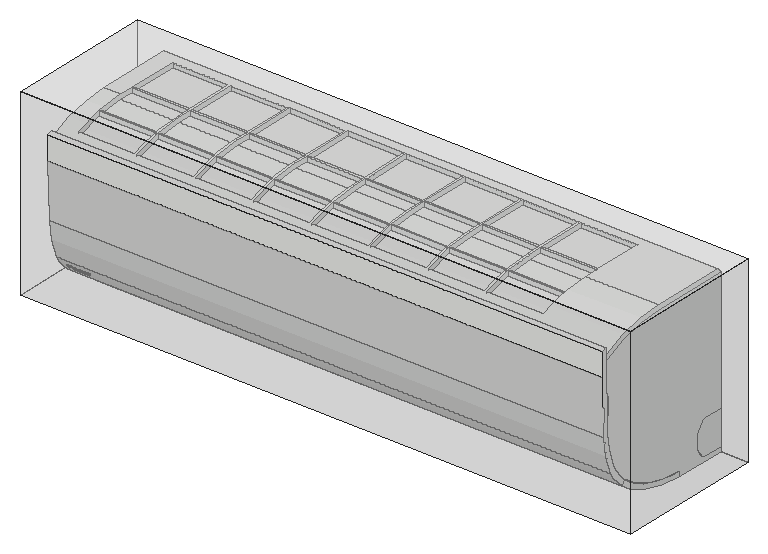
Revit family "outputfile", category 機械設備, Revit 2024
Family settings
  丸型コネクタ寸法 = 半径を使用
  パーツ タイプ = 標準
  OmniClass 番号 = 23.75.10.24.21.27.27
  OmniClass タイトル = Split System Air Conditioning Units
  作業面ベース = いいえ
  常に垂直 = はい
  ロード時にボイドで切り取り = いいえ
  注釈の向きを維持 = いいえ
  共有 = いいえ
  部屋計算ポイント = いいえ
Parameters (values of type "CTKM60RVMV")
  Description = ""
  書き出し IFC クラス(タイプ) = "IfcUnitaryEquipmentType"
  定義済み IFC タイプ(タイプ) = "AIRCONDITIONINGUNIT"
  Cost = 0
  Type Comments = ""
  Keynote = ""
  Type Image = (empty or 0)
  Assembly Code = ""
  w_wall hole = if(Width = 770.0 mm, 48.0 mm, 60.0 mm)  # 60.0 mm
  製造元 = "Daikin"
  モデル = "CTKM60RVMV"
  switch_frequency = yes
  r_Liquid Pipe Size = Liquid Pipe Size / 2  # 3.2 mm
  r_Gas Pipe Size = Gas Pipe Size / 2  # 6.35 mm
  r_Drain Pipe Size = Drain Pipe Size / 2  # 8.0 mm
  lw_powersupply [instance] = if(Width = 770.0 mm, if(or(Rear Right Connection_refrigerant, Bottom Right Connection_refrigerant), 25.0 mm, if(or(Rear Left Connection_refrigerant, Bottom Left Connection_refrigerant), 745.0 mm, 400.0 mm)), if(Width = 990.0 mm, if(or(Rear Right Connection_refrigerant, Bottom Right Connection_refrigerant), 40.0 mm, if(or(Rear Left Connection_refrigerant, Bottom Left Connection_refrigerant), 920.0 mm, 400.0 mm)), if(or(Rear Right Connection_refrigerant, Bottom Right Connection_refrigerant), 40.0 mm, if(or(Rear Left Connection_refrigerant, Bottom Left Connection_refrigerant), 920.0 mm, 400.0 mm))))  # 400.0 mm
  lw_liquidpipe [instance] = if(Width = 770.0 mm, if(or(Rear Right Connection_refrigerant, Bottom Right Connection_refrigerant), 0.0 mm, if(or(Rear Left Connection_refrigerant, Bottom Left Connection_refrigerant), 664.0 mm, 385.0 mm)), if(Width = 990.0 mm, if(or(Rear Right Connection_refrigerant, Bottom Right Connection_refrigerant), 0.0 mm, if(or(Rear Left Connection_refrigerant, Bottom Left Connection_refrigerant), 664.0 mm + (990.0 mm - 770.0 mm), 475.0 mm)), if(or(Rear Right Connection_refrigerant, Bottom Right Connection_refrigerant), 0.0 mm, if(or(Rear Left Connection_refrigerant, Bottom Left Connection_refrigerant), 664.0 mm + (990.0 mm - 770.0 mm), 475.0 mm))))  # 475.0 mm
  lw_gaspipe [instance] = if(Width = 770.0 mm, if(or(Rear Right Connection_refrigerant, Bottom Right Connection_refrigerant), 0.0 mm, if(or(Rear Left Connection_refrigerant, Bottom Left Connection_refrigerant), 675.0 mm, if(Gas Pipe Size = 12.7 mm, 345.0 mm, 335.0 mm))), if(Width = 990.0 mm, if(or(Rear Right Connection_refrigerant, Bottom Right Connection_refrigerant), 10.0 mm, if(or(Rear Left Connection_refrigerant, Bottom Left Connection_refrigerant), 890.0 mm, if(Gas Pipe Size = 15.9 mm, 410.0 mm, 400.0 mm))), if(or(Rear Right Connection_refrigerant, Bottom Right Connection_refrigerant), 10.0 mm, if(or(Rear Left Connection_refrigerant, Bottom Left Connection_refrigerant), 890.0 mm, if(Gas Pipe Size = 15.9 mm, 410.0 mm, 400.0 mm)))))  # 400.0 mm
  lw_drainpipe [instance] = if(Width = 770.0 mm, if(or(Rear Right Connection_refrigerant, Bottom Right Connection_refrigerant), 0.0 mm, if(or(Rear Left Connection_refrigerant, Bottom Left Connection_refrigerant), 770.0 mm - 48.0 mm - 48.0 mm, 440.0 mm)), if(Width = 990.0 mm, if(or(Rear Right Connection_refrigerant, Bottom Right Connection_refrigerant), 0.0 mm, if(or(Rear Left Connection_refrigerant, Bottom Left Connection_refrigerant), 675.0 mm + (990.0 mm - 770.0 mm), 435.0 mm)), if(or(Rear Right Connection_refrigerant, Bottom Right Connection_refrigerant), 0.0 mm, if(or(Rear Left Connection_refrigerant, Bottom Left Connection_refrigerant), 675.0 mm + (990.0 mm - 770.0 mm), 435.0 mm))))  # 435.0 mm
  l_powersupply_length [instance] = if(Width = 770.0 mm, if(Right Connection_refrigerant, 400.0 mm, if(Left Connection_refrigerant, 770.0 mm - 400.0 mm, if(or(Rear Left Connection_refrigerant, Rear Right Connection_refrigerant), 15.0 mm, 50.0 mm))), if(Width = 990.0 mm, if(Right Connection_refrigerant, 400.0 mm, if(Left Connection_refrigerant, 990.0 mm - 400.0 mm, if(or(Rear Left Connection_refrigerant, Rear Right Connection_refrigerant), 15.0 mm, 50.0 mm))), if(Right Connection_refrigerant, 400.0 mm, if(Left Connection_refrigerant, 990.0 mm - 400.0 mm, if(or(Rear Left Connection_refrigerant, Rear Right Connection_refrigerant), 15.0 mm, 50.0 mm)))))  # 400.0 mm
  l_liquidpipe_length [instance] = if(Width = 770.0 mm, if(Right Connection_refrigerant, 433.0 mm, if(Left Connection_refrigerant, 337.0 mm, if(or(Rear Left Connection_refrigerant, Rear Right Connection_refrigerant), 30.0 mm, 40.0 mm))), if(Width = 990.0 mm, if(Right Connection_refrigerant, 535.0 mm, if(Left Connection_refrigerant, 455.0 mm, if(or(Rear Left Connection_refrigerant, Rear Right Connection_refrigerant), 30.0 mm, 40.0 mm))), if(Right Connection_refrigerant, 535.0 mm, if(Left Connection_refrigerant, 455.0 mm, if(or(Rear Left Connection_refrigerant, Rear Right Connection_refrigerant), 30.0 mm, 40.0 mm)))))  # 535.0 mm
  l_gaspipe_length [instance] = if(Width = 770.0 mm, if(Right Connection_refrigerant, if(Gas Pipe Size = 12.7 mm, 393.0 mm, 383.0 mm), if(Left Connection_refrigerant, if(Gas Pipe Size = 12.7 mm, 770.0 mm - 393.0 mm, 770.0 mm - 383.0 mm), if(or(Rear Left Connection_refrigerant, Rear Right Connection_refrigerant), 40.0 mm, 50.0 mm))), if(Width = 990.0 mm, if(Right Connection_refrigerant, if(Gas Pipe Size = 15.9 mm, 470.0 mm, 460.0 mm), if(Left Connection_refrigerant, if(Gas Pipe Size = 15.9 mm, 990.0 mm - 470.0 mm, 990.0 mm - 460.0 mm), if(or(Rear Left Connection_refrigerant, Rear Right Connection_refrigerant), 40.0 mm, 50.0 mm))), if(Right Connection_refrigerant, if(Gas Pipe Size = 15.9 mm, 470.0 mm, 460.0 mm), if(Left Connection_refrigerant, if(Gas Pipe Size = 15.9 mm, 990.0 mm - 470.0 mm, 990.0 mm - 460.0 mm), if(or(Rear Left Connection_refrigerant, Rear Right Connection_refrigerant), 40.0 mm, 50.0 mm)))))  # 460.0 mm
  l_drainpipe_length [instance] = if(Width = 770.0 mm, if(Right Connection_refrigerant, 488.0 mm, if(Left Connection_refrigerant, 282.0 mm, if(or(Rear Left Connection_refrigerant, Rear Right Connection_refrigerant), 15.0 mm, 20.0 mm))), if(Width = 990.0 mm, if(Right Connection_refrigerant, 495.0 mm, if(Left Connection_refrigerant, 495.0 mm, if(or(Rear Left Connection_refrigerant, Rear Right Connection_refrigerant), 15.0 mm, 20.0 mm))), if(Right Connection_refrigerant, 495.0 mm, if(Left Connection_refrigerant, 495.0 mm, if(or(Rear Left Connection_refrigerant, Rear Right Connection_refrigerant), 15.0 mm, 20.0 mm)))))  # 495.0 mm
  h*** = 0.0 mm  # constant formula
  connector_voltage = Voltage_50Hz  # 230 V
  connector_powerinput = [Power Input (Cooling)]  # 0.000 kW
  connector_phase = Phase_50Hz  # 1
  angle_vertical [instance] = if(or(Bottom Left Connection_refrigerant, Bottom Right Connection_refrigerant), 0.00°, 90.00°)  # 90.00°
  angle_horizontal [instance] = if(Right Connection_refrigerant, 90.00°, if(Left Connection_refrigerant, -90.00°, if(or(Rear Left Connection_refrigerant, Rear Right Connection_refrigerant), 180.00°, 0.00°)))  # 90.00°
  Width = 990.0 mm
  Voltage_comment_50Hz = "220 - 240"
  Voltage_50Hz = 230 V
  Version = "ver.1.0"
  Unit Type = "Wall Mounted"
  Unit Mass Weight = 13.00 kg
  Unit Designation [instance] = ""
  Uniclass2015Version = "Products v1.30"
  Uniclass2015Title = "Split coil room air conditioning units"
  Uniclass2015Code = "Pr_70_65_03_86"
  URL = ""
  Total Cooling Capacity [instance] = 0.000 kW
  Sound Pressure Level_M speed (dBA) = 42
  Sound Pressure Level_L speed (dBA) = 36
  Sound Pressure Level_H speed (dBA) = 48
  Sound Power Level_H speed (dB) = 0
  Series = "Multi Split_Fan Coil Unit"
  Sensible Cooling Capacity [instance] = 0.000 kW
  Refrigerant Type = "R32"
  Power Input (Cooling) = 0.000 kW
  Phase_50Hz = 1
  Option Accessory 3 [instance] = ""
  Option Accessory 2 [instance] = ""
  Option Accessory 1 [instance] = ""
  Nominal Cooling Capacity = 6.000 kW
  Minimum Circuit Amps_50Hz = 0.0 A
  Minimum Airflow = 762.00 m³/h
  Median Airflow = 948.00 m³/h
  Maximum Fuse Amps_50Hz = 0.0 A
  Maximum Airflow = 1170.00 m³/h
  Material_Casing = DAIKIN_White_Casing_indoorunit
  Load Classification = HVAC
  Liquid Pipe Size = 6.4 mm
  Link_Nested Family [instance] = ""
  IfcVersion = ""
  IfcExportType = "AIRCONDITIONINGUNIT"
  IfcExportAs = "IfcUnitaryEquipmentType"
  Height = 295.0 mm
  Heat Exchanger Type = "Cross Fin Coil"
  Gas Pipe Size = 12.7 mm
  Frequency_50Hz = 50 Hz
  Fan Type = "Cross Flow Fan"
  Fan Drive = "Direct Drive"
  FCU Tag No. [instance] = ""
  Drain Pipe Size = 16.0 mm
  Design Supply Airflow [instance] = 0.00 m³/h
  Depth = 263.0 mm
  既定の高さ = 0.0 mm
  Cooling Entering Wet Bulb Temperature [instance] = 0.00 °C
  Cooling Entering Dry Bulb Temperature [instance] = 0.00 °C
  Cooling Ambient Wet Bulb Temperature [instance] = 0.00 °C
  Cooling Ambient Dry Bulb Temperature [instance] = 0.00 °C
  Clearance visibility [instance] = yes
  Clearance Top = 30.0 mm
  Clearance Right = 50.0 mm
  Clearance Rear = 0.0 mm
  Clearance Left = 50.0 mm
  Clearance Front = 0.0 mm
  Clearance Bottom = 0.0 mm
  Bottom Right Connection_refrigerant [instance] = no
  Bottom Left Connection_refrigerant [instance] = no
  Rear Right Connection_refrigerant [instance] = no
  Rear Left Connection_refrigerant [instance] = no
  Right Connection_refrigerant [instance] = yes
  Left Connection_refrigerant [instance] = no
Reference planes
  plane 1 "Back": y = 0
  plane 2: z = 0
  plane 3 "Center (Left/Right)": x = 0
  plane 4 "Center (Front/Back)": y = -131.5
  plane 5 "Front": y = -263
  plane 6 "Left": x = -495
  plane 7 "Right": x = 495
  plane 8 "Top": z = 0
  plane 9 "Bottom": z = -295
  plane 10: x = -545
  plane 11: x = 545
  plane 12: y = 0
  plane 13: y = -263
  plane 14: z = 30
  plane 15: z = -295
  plane 16 "lw_Piping and Wiring intake": x = 435
  plane 17 "lw_gaspipe": x = 35
  plane 18 "lw_liquidpipe": x = -40
  plane 19 "lw_drainpipe": x = 0
  plane 20 "lh_drainpipe": z = -275
  plane 21 "lh_liquidpipe": z = -255
  plane 22 "lh_gaspipe": z = -245
  plane 23 "ld_drainpipe": y = -15
  plane 24 "ld_liquidpipe": y = -30
  plane 25 "ld_gaspipe": y = -40
  plane 26 "lw_powersupply": x = 95
Dimensions and locks
  equal spacing: plane 6 "Left", plane 3 "Center (Left/Right)", plane 7 "Right"
  "Width": plane 6 "Left" to plane 7 "Right"
  equal spacing: plane 5 "Front", plane 4 "Center (Front/Back)", plane 1 "Back"
  "Depth": plane 5 "Front" to plane 1 "Back"
  "Height": plane 8 "Top" to plane 9 "Bottom"
  "Clearance Rear": plane 12 to plane 1 "Back"
  "Clearance Front": plane 13 to plane 5 "Front"
  "Clearance Top": plane 14 to plane 8 "Top"
  "Clearance Bottom": plane 9 "Bottom" to plane 15
  "w_wall hole": plane 16 "lw_Piping and Wiring intake" to plane 7 "Right"
  "lw_gaspipe": plane 17 "lw_gaspipe" to plane 16 "lw_Piping and Wiring intake"
  "lw_liquidpipe": plane 18 "lw_liquidpipe" to plane 16 "lw_Piping and Wiring intake"
  "lw_drainpipe": plane 19 "lw_drainpipe" to plane 16 "lw_Piping and Wiring intake"
  locked: plane 20 "lh_drainpipe" to plane 9 "Bottom" at 20
  locked: plane 21 "lh_liquidpipe" to plane 9 "Bottom" at 40
  locked: plane 22 "lh_gaspipe" to plane 9 "Bottom" at 50
  locked: plane 23 "ld_drainpipe" to plane 1 "Back" at 15
  locked: plane 1 "Back" to plane 24 "ld_liquidpipe" at 30
  locked: plane 1 "Back" to plane 25 "ld_gaspipe" at 40
  "lw_powersupply": plane 26 "lw_powersupply" to plane 7 "Right"
  "Clearance Left": plane 10 to plane 6 "Left"
  "Clearance Right": plane 7 "Right" to plane 11
  aligned and locked: level to plane 2
  aligned and locked: plane 12 to nested 1
  aligned and locked: nested 1 to plane 13
  aligned and locked: plane 10 to nested 1
  aligned and locked: plane 11 to nested 1
  aligned and locked: plane 15 to nested 1
  aligned and locked: plane 14 to nested 1
  aligned and locked: plane 17 "lw_gaspipe" to nested 2
  aligned and locked: nested 2 to plane 25 "ld_gaspipe"
  aligned and locked: plane 18 "lw_liquidpipe" to nested 3
  aligned and locked: nested 3 to plane 24 "ld_liquidpipe"
  aligned and locked: plane 19 "lw_drainpipe" to nested 4
  aligned and locked: nested 4 to plane 23 "ld_drainpipe"
  aligned and locked: nested 5 to plane 23 "ld_drainpipe"
  aligned and locked: plane 26 "lw_powersupply" to nested 5
  aligned and locked: level to plane 8 "Top"
  aligned and locked: plane 3 "Center (Left/Right)" to nested 6
  aligned and locked: plane 1 "Back" to nested 6
  aligned and locked: plane 8 "Top" to nested 6
Nested families
  nested 1: "daikin_clearancespace" at (0, -131.5, -132.381), show <- "Clearance visibility", visible <- "Clearance visibility", Link_Nested Family <- "Link_Nested Family", type "daikin_clearancespace"
    with width 1090.0 mm, show yes, height 325.0 mm, depth 263.0 mm, Link_Nested Family ""
  nested 2: "daikin_connector_rotate3" at (35, -40, -245), angle_vertical <- "angle_vertical", angle_horizontal <- "angle_horizontal", length <- "l_gaspipe_length", radius <- "r_Gas Pipe Size", type "daikin_connector_rotate3"
    with show no, radius 6.35 mm, length 460.0 mm, angle_vertical 90.00°, angle_horizontal 90.00°
  nested 3: "daikin_connector_rotate3" at (-40, -30, -255), angle_vertical <- "angle_vertical", angle_horizontal <- "angle_horizontal", radius <- "r_Liquid Pipe Size", length <- "l_liquidpipe_length", type "daikin_connector_rotate3"
    with show no, radius 3.2 mm, length 535.0 mm, angle_vertical 90.00°, angle_horizontal 90.00°
  nested 4: "daikin_connector_rotate3" at (0, -15, -275), angle_vertical <- "angle_vertical", angle_horizontal <- "angle_horizontal", length <- "l_drainpipe_length", radius <- "r_Drain Pipe Size", type "daikin_connector_rotate3"
    with show no, radius 8.0 mm, length 495.0 mm, angle_vertical 90.00°, angle_horizontal 90.00°
  nested 5: "daikin_connector_rotate3" at (95, -15, -245), angle_vertical <- "angle_vertical", angle_horizontal <- "angle_horizontal", length <- "l_powersupply_length", type "daikin_connector_rotate3"
    with show no, radius 10.0 mm, length 400.0 mm, angle_vertical 90.00°, angle_horizontal 90.00°
  nested 6: "DAIKIN_indoorunit_CTKM-RVMV" at (-31, 0, 0), type "CTKM-RVMV"
    with switch_unit1_50-71 yes, switch_unit1_25-35 no, Width 990.0 mm, WALL HOLE-R 60.0 mm, WALL HOLE Size 80.0 mm, Height 295.0 mm
Connectors
  piping at (495, -40, -245), diameter 12.7, driven by "r_Gas Pipe Size"
    settings: on nested 2, index 1, connector inside diameter 609.6 mm, connector length 0.0 mm, flow factor 0, pipe flow 0.00 m³/h, pressure drop 0.0 Pa, fitting loss kfactor 0, connector angle 0.00°, fixture units 0, engagement length 0.0 mm, angle of deflection 0.00°, flow configuration 1, flow direction 2, fitting loss method 0, system type 29, joint type 0, gender type 0, connector reference index -1, connector utility 0, adjustable connector no, is connector primary yes, connector description "Refrigerant Gas Piping"
  piping at (495, -30, -255), diameter 6.4, driven by "r_Liquid Pipe Size"
    settings: on nested 3, index 2, connector inside diameter 609.6 mm, connector length 0.0 mm, flow factor 0, pipe flow 0.00 m³/h, pressure drop 0.0 Pa, fitting loss kfactor 0, connector angle 0.00°, fixture units 0, engagement length 0.0 mm, angle of deflection 0.00°, flow configuration 1, flow direction 1, fitting loss method 0, system type 29, joint type 0, gender type 0, connector reference index -1, connector utility 0, adjustable connector no, is connector primary no, connector description "Refrigerant Liquid Piping"
  piping at (495, -15, -275), diameter 16, driven by "r_Drain Pipe Size"
    settings: on nested 4, index 3, connector inside diameter 609.6 mm, connector length 0.0 mm, flow factor 0, pipe flow 0.00 m³/h, pressure drop 0.0 Pa, fitting loss kfactor 0, connector angle 0.00°, fixture units 0, engagement length 0.0 mm, angle of deflection 0.00°, flow configuration 1, flow direction 2, fitting loss method 4, system type 16, joint type 0, gender type 0, connector reference index -1, connector utility 0, adjustable connector no, is connector primary no, connector description "Condensate Drain Piping"
  electrical at (495, -15, -245), driven by "Load Classification", driven by "connector_phase", driven by "connector_powerinput", driven by "connector_voltage"
    settings: on nested 5, index 4, voltage 230 V, apparent load 0 VA, apparent load phase1 0 VA, apparent load phase2 0 VA, apparent load phase3 0 VA, power factor 1, load classification "HVAC", number of poles 1, system type 30, power factor state 1, is connector primary yes, connector utility no, sub classification motor no, connector description "Power Supply"
Definition of nested family "daikin_clearancespace"
  Parameters (values of type "daikin_clearancespace")
    Description = "daikin_clearancespace"
    width [instance] = 1823.963 mm
    show [instance] = yes
    material = none
    height [instance] = 1359.762 mm
    depth [instance] = 880.0 mm
    Default Elevation = 0.0 mm
    Link_Nested Family [instance] = ""
  Reference planes
    plane 1 "Center (Front/Back)": y = 0
    plane 2 "Center (Elevation)": z = -0.119
    plane 3 "Center (Left/Right)": x = 0
    plane 4: y = 440
    plane 5: y = -440
    plane 6 "Right": x = 911.982
    plane 7 "Left": x = -911.982
    plane 8 "Top": z = 679.762
    plane 9 "Bottom": z = -680
  Forms (mm)
    Extrusion 1, solid, material <- "material", visible <- "show"
      sketch origin (0, 0, 0) x (1, 0, 0) y (0, 1, 0)
        loop
          line (-911.982, 440) -> (-911.982, -440) -> (911.982, -440) -> (911.982, 440) -> (-911.982, 440)
      from -680 to 679.762
  Lines and regions (mm)
    symbolic lines, visible <- "show"
      curve 1: line (911.982, 440, 0) -> (-911.982, 440, 0)
      curve 2: line (-911.982, 440, 0) -> (-911.982, -440, 0)
      curve 3: line (-911.982, -440, 0) -> (911.982, -440, 0)
      curve 4: line (911.982, -440, 0) -> (911.982, 440, 0)
      curve 5: line (911.982, 0, 679.762) -> (-911.982, 0, 679.762)
      curve 6: line (911.982, 0, -680) -> (911.982, 0, 679.762)
      curve 7: line (-911.982, 0, -680) -> (911.982, 0, -680)
      curve 8: line (-911.982, 0, 679.762) -> (-911.982, 0, -680)
      curve 9: line (0, 440, 679.762) -> (0, -440, 679.762)
      curve 10: line (0, -440, 679.762) -> (0, -440, -680)
      curve 11: line (0, 440, -680) -> (0, 440, 679.762)
      curve 12: line (0, -440, -680) -> (0, 440, -680)
  Dimensions and locks
    "width": plane 7 "Left" to plane 6 "Right"
    "depth": plane 4 to plane 5
    "height": plane 8 "Top" to plane 9 "Bottom"
    equal spacing: plane 7 "Left", plane 3 "Center (Left/Right)", plane 6 "Right"
    equal spacing: plane 4, plane 1 "Center (Front/Back)", plane 5
    equal spacing: plane 8 "Top", plane 2 "Center (Elevation)", plane 9 "Bottom"
    aligned and locked: level to plane 2 "Center (Elevation)"
    aligned and locked: Extrusion 1 sketch curve to plane 4
    aligned and locked: plane 7 "Left" to Extrusion 1 sketch curve
    aligned and locked: Extrusion 1 sketch curve to plane 5
    aligned and locked: Extrusion 1 sketch curve to plane 6 "Right"
    aligned and locked: plane 8 "Top" to Extrusion 1
    aligned and locked: curve 1 to Extrusion 1
    aligned and locked: curve 2 to Extrusion 1
    aligned and locked: curve 3 to Extrusion 1
    aligned and locked: curve 4 to Extrusion 1
    aligned and locked: curve 5 to Extrusion 1
    aligned and locked: curve 6 to Extrusion 1
    aligned and locked: curve 7 to Extrusion 1
    aligned and locked: curve 8 to Extrusion 1
    aligned and locked: curve 9 to Extrusion 1
    aligned and locked: curve 10 to Extrusion 1
    aligned and locked: curve 11 to Extrusion 1
    aligned and locked: curve 12 to Extrusion 1
    aligned and locked: Extrusion 1 to plane 9 "Bottom"
Definition of nested family "DAIKIN_indoorunit_CTKM-RVMV"
  Parameters (values of type "CTKM-RVMV")
    switch_unit1_50-71 = Width = 990.0 mm  # no
    switch_unit1_25-35 = Width = 770.0 mm  # yes
    Width = 770.0 mm
    WALL HOLE-R = if(Width = 770.0 mm, 48.0 mm, 60.0 mm)  # 48.0 mm
    WALL HOLE Size = if(Width = 770.0 mm, 65.0 mm, 80.0 mm)  # 65.0 mm
    Material_Casing = none
    Height = if(Width = 770.0 mm, 285.0 mm, 295.0 mm)  # 285.0 mm
    Default Elevation = 0.0 mm
  Reference planes
    plane 1 "Center (Front/Back)": y = 0
    plane 2 "reference_level": z = 0
    plane 3 "Center (Left/Right)": x = 31
    plane 4: x = -354
    plane 5: x = 416
    plane 6: z = -285
  Forms (mm)
    Extrusion 1, solid, material <- "Material_Casing", visible <- "switch_unit1_25-35"
      sketch origin (29, 0, 0) x (0, 1, 0) y (0, 0, 1)
        loop
          line (-5, 0) -> (-98, 0)
          arc (-98, 0) -> (-157.611, -7.211) -> (-213.783, -28.427) r 250
          arc (-213.783, -28.427) -> (-213.842, -32.972) -> (-213.892, -37.516) r 2191
          arc (-213.892, -37.516) -> (-157.832, -15.495) -> (-98.07, -8) r 242
          line (-98.07, -8) -> (0, -8) -> (-5, 0)
      from -383 to 387
    Extrusion 2, solid, material <- "Material_Casing", visible <- "switch_unit1_25-35"
      sketch origin (416, 1296.25, 1200) x (0, 1, 0) y (0, 0, 1)
        loop
          line (-1472.998, -1446.91) -> (-1476.998, -1453.839)
          arc (-1476.998, -1453.839) -> (-1437.481, -1472.422) -> (-1395.25, -1483.538) r 240
          line (-1395.25, -1483.538) -> (-1395.25, -1475.422)
          arc (-1395.25, -1475.422) -> (-1435.407, -1464.663) -> (-1472.998, -1446.91) r 232
      from 0 to -47.5
    Extrusion 3, solid, material <- "Material_Casing", visible <- "switch_unit1_25-35"
      sketch origin (29, 0, 0) x (0, 1, 0) y (0, 0, 1)
        loop
          arc (-223, -60.455) -> (-222.414, -110.646) -> (-220.656, -160.81) r 2149.92
          arc (-220.656, -160.81) -> (-219.65, -174.299) -> (-217.853, -187.706) r 229.911
          arc (-217.853, -187.706) -> (-205.371, -223.594) -> (-181.517, -253.17) r 111
          line (-181.517, -253.17) -> (-177.429, -246.093)
          arc (-177.429, -246.093) -> (-198.77, -218.989) -> (-209.965, -186.36) r 103
          arc (-209.965, -186.36) -> (-211.681, -173.586) -> (-212.651, -160.735) r 221.844
          arc (-212.651, -160.735) -> (-214.739, -93.233) -> (-214.74, -25.699) r 2186.828
          arc (-214.74, -25.699) -> (-214.671, -21.467) -> (-214.594, -17.235) r 2192
          line (-214.594, -17.235) -> (-223, -19.961) -> (-223, -60.455)
      from -383 to 387
    Extrusion 4, solid, material <- "Material_Casing", visible <- "switch_unit1_25-35"
      sketch origin (29, 0, -20) x (0, 1, 0) y (0, 0, 1)
        loop
          line (0, -265) -> (0, 12) -> (-98.07, 12)
          arc (-98.07, 12) -> (-157.832, 4.505) -> (-213.892, -17.516) r 242
          arc (-213.892, -17.516) -> (-213.638, -79.114) -> (-211.653, -140.681) r 2191
          arc (-211.653, -140.681) -> (-210.685, -153.501) -> (-208.973, -166.243) r 221
          arc (-208.973, -166.243) -> (-197.471, -199.282) -> (-175.482, -226.491) r 102
          arc (-175.482, -226.491) -> (-138.004, -244.019) -> (-98, -254.579) r 231
          line (-98, -254.579) -> (-98, -265) -> (0, -265)
      from -383 to 387
    Extrusion 5, solid, material <- "Material_Casing", visible <- "switch_unit1_25-35"
      sketch origin (-354, 1296.25, 1200) x (0, 1, 0) y (0, 0, 1)
        loop
          line (-1472.998, -1446.91) -> (-1476.998, -1453.839)
          arc (-1476.998, -1453.839) -> (-1437.481, -1472.422) -> (-1395.25, -1483.538) r 240
          line (-1395.25, -1483.538) -> (-1395.25, -1475.422)
          arc (-1395.25, -1475.422) -> (-1435.407, -1464.663) -> (-1472.998, -1446.91) r 232
      from 47 to 0
    Extrusion 6, solid, material <- "Material_Casing", visible <- "switch_unit1_25-35"
      sketch origin (416, 1296.25, 1200) x (0, 1, 0) y (0, 0, 1)
        loop
          line (-1472.998, -1446.91) -> (-1476.998, -1453.839)
          arc (-1476.998, -1453.839) -> (-1443.437, -1470.168) -> (-1407.75, -1481.097) r 240
          line (-1407.75, -1481.097) -> (-1407.75, -1472.894)
          arc (-1407.75, -1472.894) -> (-1441.363, -1462.385) -> (-1472.998, -1446.91) r 232
      from -116.993 to -48.493
    Extrusion 7, solid, material <- "Material_Casing", visible <- "switch_unit1_25-35"
      sketch origin (416, 1296.25, 1200) x (0, 1, 0) y (0, 0, 1)
        loop
          line (-1472.998, -1446.91) -> (-1476.998, -1453.839)
          arc (-1476.998, -1453.839) -> (-1443.437, -1470.168) -> (-1407.75, -1481.097) r 240
          line (-1407.75, -1481.097) -> (-1407.75, -1472.894)
          arc (-1407.75, -1472.894) -> (-1441.363, -1462.385) -> (-1472.998, -1446.91) r 232
      from -717 to -121.993
    Extrusion 8, void
      sketch origin (31, 0, -235) x (1, 0, 0) y (0, 1, 0)
        loop
          line (-252.674, -22.316) -> (-354.941, -22.316) -> (-354.941, -91.341) -> (-252.674, -91.341) -> (-252.674, -22.316)
        loop
          line (-249.341, -91.341) -> (-151.574, -91.341) -> (-151.574, -22.316) -> (-249.341, -22.316) -> (-249.341, -91.341)
        loop
          line (58.309, -22.316) -> (-148.309, -22.316) -> (-148.309, -91.341) -> (58.309, -91.341) -> (58.309, -22.316)
        loop
          line (61.689, -22.316) -> (61.689, -91.341) -> (159.457, -91.341) -> (159.457, -22.316) -> (61.689, -22.316)
        loop
          line (162.789, -22.316) -> (162.789, -91.341) -> (265.057, -91.341) -> (265.057, -22.316) -> (162.789, -22.316)
        loop
          line (-354.941, -94.659) -> (-354.941, -165.259) -> (-252.674, -165.259) -> (-252.674, -94.659) -> (-354.941, -94.659)
        loop
          line (-249.341, -94.659) -> (-249.341, -165.259) -> (-151.574, -165.259) -> (-151.574, -94.659) -> (-249.341, -94.659)
        loop
          line (-148.309, -94.659) -> (-148.309, -165.259) -> (58.309, -165.259) -> (58.309, -94.659) -> (-148.309, -94.659)
        loop
          line (61.689, -94.659) -> (61.689, -165.259) -> (159.457, -165.259) -> (159.457, -94.659) -> (61.689, -94.659)
        loop
          line (162.789, -94.659) -> (162.789, -165.259) -> (265.057, -165.259) -> (265.057, -94.659) -> (162.789, -94.659)
        loop
          line (-354.941, -167.382) -> (-354.941, -192.681) -> (-252.674, -192.681) -> (-252.674, -167.382) -> (-354.941, -167.382)
        loop
          line (-249.341, -167.382) -> (-249.341, -192.681) -> (-151.574, -192.681) -> (-151.574, -167.382) -> (-249.341, -167.382)
        loop
          line (-148.309, -167.382) -> (-148.309, -192.681) -> (58.309, -192.681) -> (58.309, -167.382) -> (-148.309, -167.382)
        loop
          line (159.457, -167.382) -> (61.689, -167.382) -> (61.689, -192.681) -> (159.457, -192.681) -> (159.457, -167.382)
        loop
          line (265.057, -167.382) -> (162.789, -167.382) -> (162.789, -192.681) -> (265.057, -192.681) -> (265.057, -167.382)
      from 201.638 to 250
    Extrusion 9, solid, material <- "Material_Casing"
      sketch origin (31, 0, 0) x (1, 0, 0) y (0, 0, 1)
        loop
          circle (337, -240.5) r 32.5
        loop
          circle (-337, -240.5) r 32.5
      from 0 to 5
    Extrusion 10, solid, material <- "Material_Casing", visible <- "switch_unit1_25-35"
      sketch origin (416, 1296.25, 1200) x (0, -1, 0) y (0, 0, 1)
        loop
          line (1326.25, -1417) -> (1296.25, -1417) -> (1296.25, -1477) -> (1326.25, -1477)
          arc (1326.25, -1477) -> (1340.393, -1471.142) -> (1346.25, -1457) r 20
          line (1346.25, -1457) -> (1346.25, -1437)
          arc (1346.25, -1437) -> (1340.393, -1422.858) -> (1326.25, -1417) r 20
      from 0 to 5
    Extrusion 11, solid, material <- "Material_Casing", visible <- "switch_unit1_25-35"
      sketch origin (-354, 1296.25, 1200) x (0, 1, 0) y (0, 0, 1)
        loop
          line (-1296.25, -1417) -> (-1326.25, -1417)
          arc (-1326.25, -1417) -> (-1340.393, -1422.858) -> (-1346.25, -1437) r 20
          line (-1346.25, -1437) -> (-1346.25, -1457)
          arc (-1346.25, -1457) -> (-1340.393, -1471.142) -> (-1326.25, -1477) r 20
          line (-1326.25, -1477) -> (-1296.25, -1477) -> (-1296.25, -1417)
      from 0 to 5
    Extrusion 12, solid, material <- "Material_Casing", visible <- "switch_unit1_25-35"
      sketch origin (31, 0, -285) x (-1, 0, 0) y (0, -1, 0)
        loop
          line (-314, 0) -> (-314, 30)
          arc (-314, 30) -> (-319.858, 44.142) -> (-334, 50) r 20
          line (-334, 50) -> (-354, 50)
          arc (-354, 50) -> (-368.142, 44.142) -> (-374, 30) r 20
          line (-374, 30) -> (-374, 0) -> (-314, 0)
        loop
          line (374, 0) -> (374, 30)
          arc (374, 30) -> (368.142, 44.142) -> (354, 50) r 20
          line (354, 50) -> (334, 50)
          arc (334, 50) -> (319.858, 44.142) -> (314, 30) r 20
          line (314, 30) -> (314, 0) -> (374, 0)
      from 0 to 5
    Extrusion 13, solid, material <- "Material_Casing", visible <- "switch_unit1_50-71"
      sketch origin (31, 0, 0) x (0, 1, 0) y (0, 0, 1)
        loop
          line (-5, 0) -> (-138, 0)
          arc (-138, 0) -> (-197.611, -7.211) -> (-253.783, -28.427) r 250
          arc (-253.783, -28.427) -> (-253.838, -32.687) -> (-253.886, -36.946) r 2191
          arc (-253.886, -36.946) -> (-197.73, -15.346) -> (-138.014, -8) r 246.393
          line (-138.014, -8) -> (0, -8) -> (-5, 0)
      from -495 to 495
    Extrusion 14, solid, material <- "Material_Casing", visible <- "switch_unit1_50-71"
      sketch origin (418, 1296.25, 1200) x (0, 1, 0) y (0, 0, 1)
        loop
          arc (-1515.208, -1454.149) -> (-1506.856, -1460.599) -> (-1497.925, -1466.219) r 110
          arc (-1497.925, -1466.219) -> (-1445.718, -1487.493) -> (-1389.844, -1494.995) r 223
          line (-1389.844, -1494.995) -> (-1389.844, -1486.086) -> (-1404.386, -1486.086)
          arc (-1404.386, -1486.086) -> (-1449.542, -1477.46) -> (-1491.818, -1459.402) r 214.289
          arc (-1491.818, -1459.402) -> (-1501.056, -1453.541) -> (-1509.606, -1446.715) r 101
          line (-1509.606, -1446.715) -> (-1515.208, -1454.149)
      from 108 to 57.5
    Extrusion 15, solid, material <- "Material_Casing", visible <- "switch_unit1_50-71"
      sketch origin (31, 0, 0) x (0, 1, 0) y (0, 0, 1)
        loop
          line (-263, -19.962) -> (-263, -61.6)
          arc (-263, -61.6) -> (-262.414, -110.219) -> (-260.656, -158.81) r 2017.341
          arc (-260.656, -158.81) -> (-255.648, -191.935) -> (-244.041, -223.362) r 164.725
          arc (-244.041, -223.362) -> (-233.569, -239.793) -> (-219.717, -253.495) r 87.379
          line (-219.717, -253.495) -> (-214.706, -246.846)
          arc (-214.706, -246.846) -> (-229.564, -230.029) -> (-240.385, -210.371) r 102
          arc (-240.385, -210.371) -> (-249.049, -182.962) -> (-252.848, -154.467) r 165.789
          arc (-252.848, -154.467) -> (-254.771, -90.102) -> (-254.74, -25.708) r 2122.533
          arc (-254.74, -25.708) -> (-254.671, -21.469) -> (-254.594, -17.23) r 2192
          line (-254.594, -17.23) -> (-263, -19.962)
      from -495 to 495
    Extrusion 16, void
      sketch origin (33, 0, 0) x (1, 0, 0) y (0, 1, 0)
        loop
          line (-466.909, -22.316) -> (-466.909, -111.341) -> (-366.303, -111.341) -> (-366.303, -22.316) -> (-466.909, -22.316)
        loop
          line (-362.71, -22.316) -> (-362.71, -111.341) -> (-262.103, -111.341) -> (-262.103, -22.316) -> (-362.71, -22.316)
        loop
          line (-258.51, -22.316) -> (-258.51, -111.341) -> (-157.904, -111.341) -> (-157.904, -22.316) -> (-258.51, -22.316)
        loop
          line (-154.31, -22.316) -> (-154.31, -111.341) -> (-53.704, -111.341) -> (-53.704, -22.316) -> (-154.31, -22.316)
        loop
          line (-50.11, -22.316) -> (-50.11, -111.341) -> (50.496, -111.341) -> (50.496, -22.316) -> (-50.11, -22.316)
        loop
          line (54.089, -22.316) -> (54.089, -111.341) -> (154.696, -111.341) -> (154.696, -22.316) -> (54.089, -22.316)
        loop
          line (158.289, -22.316) -> (158.289, -111.341) -> (258.895, -111.341) -> (258.895, -22.316) -> (158.289, -22.316)
        loop
          line (262.489, -22.316) -> (262.489, -111.341) -> (363.095, -111.341) -> (363.095, -22.316) -> (262.489, -22.316)
        loop
          line (-466.909, -114.459) -> (-466.909, -185.059) -> (-366.303, -185.059) -> (-366.303, -114.459) -> (-466.909, -114.459)
        loop
          line (-362.71, -114.459) -> (-362.71, -185.059) -> (-262.103, -185.059) -> (-262.103, -114.459) -> (-362.71, -114.459)
        loop
          line (-258.51, -114.459) -> (-258.51, -185.059) -> (-157.904, -185.059) -> (-157.904, -114.459) -> (-258.51, -114.459)
        loop
          line (-154.31, -114.459) -> (-154.31, -185.059) -> (-53.704, -185.059) -> (-53.704, -114.459) -> (-154.31, -114.459)
        loop
          line (-50.11, -114.459) -> (-50.11, -185.059) -> (50.496, -185.059) -> (50.496, -114.459) -> (-50.11, -114.459)
        loop
          line (54.089, -114.459) -> (54.089, -185.059) -> (154.696, -185.059) -> (154.696, -114.459) -> (54.089, -114.459)
        loop
          line (158.289, -114.459) -> (158.289, -185.059) -> (258.895, -185.059) -> (258.895, -114.459) -> (158.289, -114.459)
        loop
          line (262.489, -114.459) -> (262.489, -185.059) -> (363.095, -185.059) -> (363.095, -114.459) -> (262.489, -114.459)
        loop
          line (-466.909, -187.382) -> (-466.909, -232.681) -> (-366.303, -232.681) -> (-366.303, -187.382) -> (-466.909, -187.382)
        loop
          line (-362.71, -187.382) -> (-362.71, -232.681) -> (-262.103, -232.681) -> (-262.103, -187.382) -> (-362.71, -187.382)
        loop
          line (-258.51, -187.382) -> (-258.51, -232.681) -> (-157.904, -232.681) -> (-157.904, -187.382) -> (-258.51, -187.382)
        loop
          line (-154.31, -187.382) -> (-154.31, -232.681) -> (-53.704, -232.681) -> (-53.704, -187.382) -> (-154.31, -187.382)
        loop
          line (-50.11, -187.382) -> (-50.11, -232.681) -> (50.496, -232.681) -> (50.496, -187.382) -> (-50.11, -187.382)
        loop
          line (54.089, -187.382) -> (54.089, -232.681) -> (154.696, -232.681) -> (154.696, -187.382) -> (54.089, -187.382)
        loop
          line (158.289, -187.382) -> (158.289, -232.681) -> (258.895, -232.681) -> (258.895, -187.382) -> (158.289, -187.382)
        loop
          line (262.489, -187.382) -> (262.489, -232.681) -> (363.095, -232.681) -> (363.095, -187.382) -> (262.489, -187.382)
      from -40.013 to 47.268
    Extrusion 17, solid, material <- "Material_Casing", visible <- "switch_unit1_50-71"
      sketch origin (-356, 1296.25, 1200) x (0, 1, 0) y (0, 0, -1)
        loop
          line (-1515.208, 1454.149) -> (-1509.606, 1446.715)
          arc (-1509.606, 1446.715) -> (-1501.056, 1453.541) -> (-1491.818, 1459.402) r 101
          arc (-1491.818, 1459.402) -> (-1449.542, 1477.46) -> (-1404.386, 1486.086) r 214.289
          line (-1404.386, 1486.086) -> (-1389.844, 1486.086) -> (-1389.844, 1494.995)
          arc (-1389.844, 1494.995) -> (-1445.718, 1487.493) -> (-1497.925, 1466.219) r 223
          arc (-1497.925, 1466.219) -> (-1506.856, 1460.599) -> (-1515.208, 1454.149) r 110
      from 108 to 61
    Extrusion 18, solid, material <- "Material_Casing", visible <- "switch_unit1_50-71"
      sketch origin (418, 1296.25, 1200) x (0, 1, 0) y (0, 0, 1)
        loop
          arc (-1515.208, -1454.149) -> (-1506.856, -1460.599) -> (-1497.925, -1466.219) r 110
          arc (-1497.925, -1466.219) -> (-1463.185, -1482.066) -> (-1426.25, -1491.755) r 223
          line (-1426.25, -1491.755) -> (-1426.25, -1483.166)
          arc (-1426.25, -1483.166) -> (-1460.008, -1473.969) -> (-1491.818, -1459.402) r 214.289
          arc (-1491.818, -1459.402) -> (-1501.056, -1453.541) -> (-1509.606, -1446.715) r 101
          line (-1509.606, -1446.715) -> (-1515.208, -1454.149)
      from 56.5 to -36.993
    Extrusion 19, solid, material <- "Material_Casing", visible <- "switch_unit1_50-71"
      sketch origin (418, 1296.25, 1200) x (0, 1, 0) y (0, 0, 1)
        loop
          arc (-1426.25, -1483.166) -> (-1443.442, -1479.224) -> (-1460.25, -1473.881) r 214.289
          line (-1460.25, -1473.881) -> (-1460.25, -1483.089)
          arc (-1460.25, -1483.089) -> (-1443.421, -1488.091) -> (-1426.25, -1491.755) r 223
          line (-1426.25, -1491.755) -> (-1426.25, -1483.166)
      from -43.493 to -828.893
    Extrusion 20, solid, material <- "Material_Casing", visible <- "switch_unit1_50-71"
      sketch origin (418, 1296.25, 1200) x (0, 1, 0) y (0, 0, 1)
        loop
          arc (-1515.208, -1454.149) -> (-1506.856, -1460.599) -> (-1497.925, -1466.219) r 110
          arc (-1497.925, -1466.219) -> (-1479.479, -1475.527) -> (-1460.25, -1483.089) r 223
          line (-1460.25, -1483.089) -> (-1460.25, -1473.881)
          arc (-1460.25, -1473.881) -> (-1476.328, -1467.282) -> (-1491.818, -1459.402) r 214.289
          arc (-1491.818, -1459.402) -> (-1501.056, -1453.541) -> (-1509.606, -1446.715) r 101
          line (-1509.606, -1446.715) -> (-1515.208, -1454.149)
      from -43.493 to -828.893
    Extrusion 21, solid, material <- "Material_Casing", visible <- "switch_unit1_50-71"
      sketch origin (31, 0, -30) x (0, 1, 0) y (0, 0, 1)
        loop
          line (0, 22) -> (-138.014, 22)
          arc (-138.014, 22) -> (-197.73, 14.654) -> (-253.886, -6.946) r 246.393
          arc (-253.886, -6.946) -> (-253.682, -65.635) -> (-251.855, -124.295) r 2120.935
          arc (-251.855, -124.295) -> (-248.086, -152.682) -> (-239.461, -179.988) r 164.789
          arc (-239.461, -179.988) -> (-228.903, -199.231) -> (-214.437, -215.738) r 101
          line (-214.437, -215.738) -> (-212.406, -216.221)
          arc (-212.406, -216.221) -> (-204.07, -222.837) -> (-195.079, -228.53) r 100
          arc (-195.079, -228.53) -> (-145.557, -248.629) -> (-92.593, -255.785) r 213.289
          line (-92.593, -255.785) -> (-92.593, -265) -> (0, -265) -> (0, 22)
      from -495 to 495
    Extrusion 22, solid, material <- "Material_Casing", visible <- "switch_unit1_50-71"
      sketch origin (526, 1296.25, 1200) x (0, -1, 0) y (0, 0, 1)
        loop
          line (1326.25, -1427.035) -> (1296.25, -1427.035) -> (1296.25, -1487.035) -> (1326.25, -1487.035)
          arc (1326.25, -1487.035) -> (1340.393, -1481.177) -> (1346.25, -1467.035) r 20
          line (1346.25, -1467.035) -> (1346.25, -1447.035)
          arc (1346.25, -1447.035) -> (1340.393, -1432.892) -> (1326.25, -1427.035) r 20
      from 0 to 5
    Extrusion 23, solid, material <- "Material_Casing", visible <- "switch_unit1_50-71"
      sketch origin (-459, 1296.25, 1200) x (0, -1, 0) y (0, 0, 1)
        loop
          line (1326.25, -1427.035) -> (1296.25, -1427.035) -> (1296.25, -1487.035) -> (1326.25, -1487.035)
          arc (1326.25, -1487.035) -> (1340.393, -1481.177) -> (1346.25, -1467.035) r 20
          line (1346.25, -1467.035) -> (1346.25, -1447.035)
          arc (1346.25, -1447.035) -> (1340.393, -1432.892) -> (1326.25, -1427.035) r 20
      from 0 to 5
    Extrusion 24, solid, material <- "Material_Casing", visible <- "switch_unit1_50-71"
      sketch origin (31, 200, -295) x (-1, 0, 0) y (0, -1, 0)
        loop
          line (469, 200) -> (469, 230)
          arc (469, 230) -> (463.142, 244.142) -> (449, 250) r 20
          line (449, 250) -> (429, 250)
          arc (429, 250) -> (414.858, 244.142) -> (409, 230) r 20
          line (409, 230) -> (409, 200) -> (469, 200)
        loop
          line (-469, 200) -> (-409, 200) -> (-409, 230)
          arc (-409, 230) -> (-414.858, 244.142) -> (-429, 250) r 20
          line (-429, 250) -> (-449, 250)
          arc (-449, 250) -> (-463.142, 244.142) -> (-469, 230) r 20
          line (-469, 230) -> (-469, 200)
      from 0 to 5
  Cuts and joins
    Extrusion 8 cuts Extrusion 1
    Extrusion 16 cuts Extrusion 13
  Lines and regions (mm)
    reference lines
      curve 1: line (-523, -201.911, -229.404) -> (-523, -193.542, -239.977)
      curve 2: line (-523, -240.779, -229.404) -> (-523, -232.411, -239.977)
  Dimensions and locks
    locked: Extrusion 10 sketch curve to Extrusion 10 sketch curve at 60
    locked: Extrusion 10 sketch curve to Extrusion 10 sketch curve at 50
    locked: Extrusion 12 sketch curve to Extrusion 12 sketch curve at 60  (x2)
    locked: Extrusion 12 sketch curve to Extrusion 12 sketch curve at 50
    equal spacing: plane 5, plane 3 "Center (Left/Right)", plane 4
    "Width": plane 5 to plane 4
    locked: Extrusion 9 sketch curve to plane 4 at 48
    "WALL HOLE-R": plane 5 to Extrusion 9 sketch curve
    "Height": plane 2 "reference_level" to plane 6
    locked: Extrusion 9 sketch curve to plane 6 at 44.5  (x2)
    locked: Extrusion 15 to nested 2 at 15
    locked: Extrusion 22 sketch curve to Extrusion 22 sketch curve at 60
    locked: Extrusion 22 sketch curve to Extrusion 22 sketch curve at 50
    locked: Extrusion 23 sketch curve to Extrusion 23 sketch curve at 60
    locked: Extrusion 23 sketch curve to Extrusion 23 sketch curve at 50
    locked: Extrusion 24 sketch curve to Extrusion 24 sketch curve at 60  (x2)
    locked: Extrusion 24 sketch curve to Extrusion 24 sketch curve at 50  (x2)
    "WALL HOLE Size": diameter of Extrusion 9 sketch curve  (x2)
    aligned and locked: level to plane 2 "reference_level"
    aligned and locked: nested 1 to curve 1
    aligned and locked: Extrusion 11 sketch curve to Extrusion 10  (x4)
    aligned and locked: Extrusion 12 sketch curve to Extrusion 12 sketch curve  (x2)
    aligned and locked: Extrusion 9 to plane 1 "Center (Front/Back)"
    aligned and locked: nested 2 to curve 2
  Automatic sketch dimensions
    curve 1 to level = 239.977 mm
    plane 1 "Center (Front/Back)" to curve 1 = 193.542 mm
    curve 2 to curve 1 = 0.0 mm
    curve 2 to curve 2 = 10.573 mm
    curve 1 to curve 1 = 10.573 mm
    curve 1 to curve 1 = 8.368 mm
    curve 1 to curve 2 = 30.5 mm
    curve 2 to curve 2 = 8.368 mm
    Extrusion 1 sketch curve to level = 0.0 mm
    Extrusion 1 sketch curve to plane 1 "Center (Front/Back)" = 0.0 mm
    plane 1 "Center (Front/Back)" to Extrusion 1 sketch curve = 5.0 mm
    plane 1 "Center (Front/Back)" to Extrusion 1 sketch curve = 98.0 mm
    Extrusion 1 sketch curve to Extrusion 1 sketch curve = 0.07 mm
    Extrusion 1 sketch curve to level = 59.292 mm
    Extrusion 1 sketch curve to plane 1 "Center (Front/Back)" = 1977.0 mm
    Extrusion 1 sketch curve to level = 250.0 mm
    Extrusion 1 sketch curve to Extrusion 1 sketch curve = 0.0 mm
    Extrusion 1 sketch curve to level = 8.0 mm
    Extrusion 1 sketch curve to level = 28.427 mm
    plane 1 "Center (Front/Back)" to Extrusion 2 sketch curve = 180.748 mm
    Extrusion 2 sketch curve to Extrusion 2 sketch curve = 4.0 mm
    Extrusion 2 sketch curve to Extrusion 2 sketch curve = 77.747 mm
    plane 1 "Center (Front/Back)" to Extrusion 2 sketch curve = 59.279 mm
    Extrusion 2 sketch curve to Extrusion 2 sketch curve = 0.0 mm
    Extrusion 2 sketch curve to level = 283.538 mm
    Extrusion 2 sketch curve to Extrusion 2 sketch curve = 8.116 mm
    Extrusion 2 sketch curve to Extrusion 2 sketch curve = 21.583 mm
    Extrusion 2 sketch curve to Extrusion 2 sketch curve = 6.929 mm
    Extrusion 3 sketch curve to level = 19.961 mm
    plane 1 "Center (Front/Back)" to Extrusion 3 sketch curve = 223.0 mm
    Extrusion 3 sketch curve to level = 17.235 mm
    Extrusion 3 sketch curve to Extrusion 3 sketch curve = 8.406 mm
    plane 1 "Center (Front/Back)" to Extrusion 3 sketch curve = 181.517 mm
    Extrusion 3 sketch curve to Extrusion 3 sketch curve = 4.087 mm
    Extrusion 3 sketch curve to Extrusion 3 sketch curve = 69.11 mm
    Extrusion 3 sketch curve to Extrusion 3 sketch curve = 0.001 mm
    Extrusion 3 sketch curve to plane 1 "Center (Front/Back)" = 8.955 mm
    Extrusion 3 sketch curve to Extrusion 3 sketch curve = 0.067 mm
    Extrusion 3 sketch curve to level = 60.455 mm
    Extrusion 3 sketch curve to Extrusion 3 sketch curve = 1917.898 mm
    Extrusion 3 sketch curve to Extrusion 3 sketch curve = 44.907 mm
    Extrusion 3 sketch curve to Extrusion 3 sketch curve = 5.172 mm
    Extrusion 3 sketch curve to level = 150.456 mm
    Extrusion 3 sketch curve to Extrusion 3 sketch curve = 0.006 mm
    Extrusion 3 sketch curve to Extrusion 3 sketch curve = 19.265 mm
    Extrusion 3 sketch curve to Extrusion 3 sketch curve = 0.004 mm
    Extrusion 3 sketch curve to Extrusion 3 sketch curve = 76.368 mm
    Extrusion 3 sketch curve to Extrusion 3 sketch curve = 7.077 mm
    Extrusion 3 sketch curve to Extrusion 3 sketch curve = 1.002 mm
    Extrusion 3 sketch curve to Extrusion 3 sketch curve = 0.046 mm
    Extrusion 3 sketch curve to Extrusion 3 sketch curve = 8.005 mm
    Extrusion 3 sketch curve to Extrusion 3 sketch curve = 0.147 mm
    Extrusion 3 sketch curve to Extrusion 3 sketch curve = 0.0 mm
    Extrusion 4 sketch curve to plane 1 "Center (Front/Back)" = 0.0 mm
    plane 1 "Center (Front/Back)" to Extrusion 4 sketch curve = 59.278 mm
    Extrusion 4 sketch curve to Extrusion 4 sketch curve = 98.0 mm
    Extrusion 4 sketch curve to Extrusion 4 sketch curve = 0.0 mm  (x3)
    Extrusion 4 sketch curve to level = 8.0 mm
    Extrusion 4 sketch curve to Extrusion 4 sketch curve = 38.791 mm
    Extrusion 4 sketch curve to Extrusion 4 sketch curve = 10.249 mm
    Extrusion 4 sketch curve to plane 1 "Center (Front/Back)" = 9.11 mm
    Extrusion 4 sketch curve to level = 59.292 mm
    Extrusion 4 sketch curve to Extrusion 4 sketch curve = 1967.89 mm
    Extrusion 4 sketch curve to Extrusion 4 sketch curve = 142.454 mm
    Extrusion 4 sketch curve to Extrusion 4 sketch curve = 19.271 mm
    Extrusion 4 sketch curve to Extrusion 4 sketch curve = 80.275 mm
    Extrusion 4 sketch curve to Extrusion 4 sketch curve = 24.579 mm
    Extrusion 4 sketch curve to Extrusion 4 sketch curve = 10.421 mm
    Extrusion 4 sketch curve to level = 46.847 mm
    Extrusion 4 sketch curve to Extrusion 4 sketch curve = 77.412 mm
    Extrusion 4 sketch curve to Extrusion 4 sketch curve = 33.49 mm
    Extrusion 4 sketch curve to Extrusion 4 sketch curve = 2.68 mm
    plane 1 "Center (Front/Back)" to Extrusion 5 sketch curve = 180.748 mm
    Extrusion 5 sketch curve to Extrusion 5 sketch curve = 4.0 mm
    Extrusion 5 sketch curve to Extrusion 5 sketch curve = 77.747 mm
    plane 1 "Center (Front/Back)" to Extrusion 5 sketch curve = 59.279 mm
    Extrusion 5 sketch curve to Extrusion 5 sketch curve = 0.0 mm
    Extrusion 5 sketch curve to level = 283.538 mm
    Extrusion 5 sketch curve to Extrusion 5 sketch curve = 8.116 mm
    Extrusion 5 sketch curve to Extrusion 5 sketch curve = 21.583 mm
    Extrusion 5 sketch curve to Extrusion 5 sketch curve = 6.929 mm
    plane 1 "Center (Front/Back)" to Extrusion 6 sketch curve = 180.748 mm
    Extrusion 6 sketch curve to Extrusion 6 sketch curve = 4.0 mm
    Extrusion 6 sketch curve to Extrusion 6 sketch curve = 65.247 mm
    plane 1 "Center (Front/Back)" to Extrusion 6 sketch curve = 59.279 mm
    Extrusion 6 sketch curve to Extrusion 6 sketch curve = 0.0 mm
    Extrusion 6 sketch curve to level = 281.097 mm
    Extrusion 6 sketch curve to Extrusion 6 sketch curve = 8.203 mm
    Extrusion 6 sketch curve to Extrusion 6 sketch curve = 19.055 mm
    Extrusion 6 sketch curve to Extrusion 6 sketch curve = 6.929 mm
    plane 1 "Center (Front/Back)" to Extrusion 7 sketch curve = 180.748 mm
    Extrusion 7 sketch curve to Extrusion 7 sketch curve = 4.0 mm
    Extrusion 7 sketch curve to Extrusion 7 sketch curve = 65.247 mm
    plane 1 "Center (Front/Back)" to Extrusion 7 sketch curve = 59.279 mm
    Extrusion 7 sketch curve to Extrusion 7 sketch curve = 0.0 mm
    Extrusion 7 sketch curve to level = 281.097 mm
    Extrusion 7 sketch curve to Extrusion 7 sketch curve = 8.203 mm
    Extrusion 7 sketch curve to Extrusion 7 sketch curve = 19.055 mm
    Extrusion 7 sketch curve to Extrusion 7 sketch curve = 6.929 mm
    plane 1 "Center (Front/Back)" to Extrusion 8 sketch curve = 165.259 mm  (x2)
    Extrusion 8 sketch curve to plane 3 "Center (Left/Right)" = 354.941 mm
    plane 1 "Center (Front/Back)" to Extrusion 8 sketch curve = 22.316 mm  (x3)
    Extrusion 8 sketch curve to Extrusion 8 sketch curve = 0.0 mm  (x26)
    Extrusion 8 sketch curve to Extrusion 8 sketch curve = 102.268 mm  (x2)
    Extrusion 8 sketch curve to Extrusion 8 sketch curve = 3.332 mm  (x4)
    Extrusion 8 sketch curve to Extrusion 8 sketch curve = 97.768 mm  (x2)
    Extrusion 8 sketch curve to Extrusion 8 sketch curve = 3.264 mm  (x3)
    plane 3 "Center (Left/Right)" to Extrusion 8 sketch curve = 58.309 mm
    Extrusion 8 sketch curve to Extrusion 8 sketch curve = 3.38 mm  (x3)
    Extrusion 8 sketch curve to Extrusion 8 sketch curve = 2.124 mm  (x6)
    Extrusion 8 sketch curve to Extrusion 8 sketch curve = 25.299 mm  (x2)
    Extrusion 8 sketch curve to Extrusion 8 sketch curve = 70.6 mm
    Extrusion 8 sketch curve to Extrusion 8 sketch curve = 3.317 mm  (x4)
    Extrusion 10 sketch curve to plane 1 "Center (Front/Back)" = 0.0 mm
    Extrusion 10 sketch curve to Extrusion 10 sketch curve = 20.0 mm  (x2)
    Extrusion 10 sketch curve to level = 277.0 mm
    plane 1 "Center (Front/Back)" to Extrusion 12 sketch curve = 0.0 mm
    plane 3 "Center (Left/Right)" to Extrusion 12 sketch curve = 374.0 mm
    Extrusion 12 sketch curve to Extrusion 12 sketch curve = 20.0 mm  (x3)
    plane 1 "Center (Front/Back)" to Extrusion 12 sketch curve = 30.0 mm
    Extrusion 12 sketch curve to plane 3 "Center (Left/Right)" = 314.0 mm
    Extrusion 13 sketch curve to level = 0.0 mm
    Extrusion 13 sketch curve to plane 1 "Center (Front/Back)" = 0.0 mm
    plane 1 "Center (Front/Back)" to Extrusion 13 sketch curve = 5.0 mm
    Extrusion 13 sketch curve to Extrusion 13 sketch curve = 133.0 mm
    Extrusion 13 sketch curve to Extrusion 13 sketch curve = 0.013 mm
    Extrusion 13 sketch curve to level = 59.292 mm
    Extrusion 13 sketch curve to plane 1 "Center (Front/Back)" = 1937.0 mm
    Extrusion 13 sketch curve to Extrusion 13 sketch curve = 250.0 mm
    Extrusion 13 sketch curve to Extrusion 13 sketch curve = 4.393 mm
    Extrusion 13 sketch curve to level = 8.0 mm
    Extrusion 13 sketch curve to level = 28.427 mm
    plane 1 "Center (Front/Back)" to Extrusion 14 sketch curve = 218.957 mm
    Extrusion 14 sketch curve to Extrusion 14 sketch curve = 5.601 mm
    Extrusion 14 sketch curve to Extrusion 14 sketch curve = 65.735 mm
    Extrusion 14 sketch curve to Extrusion 14 sketch curve = 1.462 mm
    plane 1 "Center (Front/Back)" to Extrusion 14 sketch curve = 108.136 mm
    Extrusion 14 sketch curve to Extrusion 14 sketch curve = 14.543 mm
    plane 1 "Center (Front/Back)" to Extrusion 14 sketch curve = 92.093 mm
    Extrusion 14 sketch curve to Extrusion 14 sketch curve = 1.354 mm
    Extrusion 14 sketch curve to level = 294.995 mm
    Extrusion 14 sketch curve to Extrusion 14 sketch curve = 8.909 mm
    Extrusion 14 sketch curve to Extrusion 14 sketch curve = 31.937 mm
    Extrusion 14 sketch curve to Extrusion 14 sketch curve = 7.433 mm
    Extrusion 14 sketch curve to Extrusion 14 sketch curve = 75.403 mm
    Extrusion 14 sketch curve to Extrusion 14 sketch curve = 0.896 mm
    Extrusion 14 sketch curve to level = 72.504 mm
    Extrusion 14 sketch curve to Extrusion 14 sketch curve = 0.504 mm
    Extrusion 15 sketch curve to level = 19.962 mm
    plane 1 "Center (Front/Back)" to Extrusion 15 sketch curve = 263.0 mm
    Extrusion 15 sketch curve to level = 17.23 mm
    Extrusion 15 sketch curve to Extrusion 15 sketch curve = 8.406 mm
    Extrusion 15 sketch curve to Extrusion 15 sketch curve = 43.283 mm
    Extrusion 15 sketch curve to Extrusion 15 sketch curve = 5.011 mm
    Extrusion 15 sketch curve to Extrusion 15 sketch curve = 49.129 mm
    Extrusion 15 sketch curve to Extrusion 15 sketch curve = 19.417 mm
    Extrusion 15 sketch curve to Extrusion 15 sketch curve = 50.037 mm
    Extrusion 15 sketch curve to Extrusion 15 sketch curve = 8.89 mm
    Extrusion 15 sketch curve to level = 61.6 mm
    Extrusion 15 sketch curve to plane 1 "Center (Front/Back)" = 1754.341 mm
    Extrusion 15 sketch curve to level = 58.909 mm
    Extrusion 15 sketch curve to Extrusion 15 sketch curve = 113.192 mm
    Extrusion 15 sketch curve to Extrusion 15 sketch curve = 69.467 mm
    Extrusion 15 sketch curve to level = 146.886 mm
    Extrusion 15 sketch curve to Extrusion 15 sketch curve = 3.987 mm
    Extrusion 15 sketch curve to Extrusion 15 sketch curve = 20.44 mm
    Extrusion 15 sketch curve to Extrusion 15 sketch curve = 13.597 mm
    Extrusion 15 sketch curve to Extrusion 15 sketch curve = 61.936 mm
    Extrusion 15 sketch curve to Extrusion 15 sketch curve = 6.649 mm
    Extrusion 15 sketch curve to level = 59.438 mm
    Extrusion 15 sketch curve to Extrusion 15 sketch curve = 0.0 mm
    Extrusion 15 sketch curve to Extrusion 15 sketch curve = 0.147 mm
    Extrusion 15 sketch curve to Extrusion 15 sketch curve = 7.808 mm
    plane 1 "Center (Front/Back)" to Extrusion 16 sketch curve = 22.316 mm  (x6)
    Extrusion 16 sketch curve to plane 3 "Center (Left/Right)" = 464.909 mm
    Extrusion 16 sketch curve to Extrusion 16 sketch curve = 0.0 mm  (x27)
    Extrusion 16 sketch curve to Extrusion 16 sketch curve = 100.606 mm  (x7)
    Extrusion 16 sketch curve to Extrusion 16 sketch curve = 3.594 mm  (x16)
    Extrusion 16 sketch curve to plane 3 "Center (Left/Right)" = 51.704 mm
    plane 3 "Center (Left/Right)" to Extrusion 16 sketch curve = 52.496 mm  (x2)
    Extrusion 16 sketch curve to Extrusion 16 sketch curve = 89.026 mm  (x6)
    Extrusion 16 sketch curve to Extrusion 16 sketch curve = 3.117 mm  (x8)
    Extrusion 16 sketch curve to Extrusion 16 sketch curve = 70.6 mm  (x7)
    Extrusion 16 sketch curve to Extrusion 16 sketch curve = 2.324 mm  (x8)
    Extrusion 16 sketch curve to Extrusion 16 sketch curve = 45.299 mm  (x7)
    plane 1 "Center (Front/Back)" to Extrusion 17 sketch curve = 218.957 mm
    Extrusion 17 sketch curve to Extrusion 17 sketch curve = 5.601 mm
    Extrusion 17 sketch curve to Extrusion 17 sketch curve = 65.735 mm
    Extrusion 17 sketch curve to Extrusion 17 sketch curve = 1.462 mm
    plane 1 "Center (Front/Back)" to Extrusion 17 sketch curve = 108.136 mm
    Extrusion 17 sketch curve to Extrusion 17 sketch curve = 14.543 mm
    plane 1 "Center (Front/Back)" to Extrusion 17 sketch curve = 92.093 mm
    Extrusion 17 sketch curve to Extrusion 17 sketch curve = 1.354 mm
    Extrusion 17 sketch curve to level = 72.0 mm
    Extrusion 17 sketch curve to Extrusion 17 sketch curve = 0.504 mm
    Extrusion 17 sketch curve to Extrusion 17 sketch curve = 98.416 mm
    Extrusion 17 sketch curve to Extrusion 17 sketch curve = 0.896 mm
    Extrusion 17 sketch curve to Extrusion 17 sketch curve = 76.3 mm
    Extrusion 17 sketch curve to Extrusion 17 sketch curve = 7.433 mm
    Extrusion 17 sketch curve to Extrusion 17 sketch curve = 26.684 mm
    Extrusion 17 sketch curve to Extrusion 17 sketch curve = 8.909 mm
    plane 1 "Center (Front/Back)" to Extrusion 18 sketch curve = 218.957 mm
    Extrusion 18 sketch curve to Extrusion 18 sketch curve = 5.601 mm
    Extrusion 18 sketch curve to Extrusion 18 sketch curve = 65.735 mm
    Extrusion 18 sketch curve to Extrusion 18 sketch curve = 1.462 mm
    Extrusion 18 sketch curve to Extrusion 18 sketch curve = 83.356 mm
    plane 1 "Center (Front/Back)" to Extrusion 18 sketch curve = 92.093 mm
    Extrusion 18 sketch curve to Extrusion 18 sketch curve = 1.354 mm
    Extrusion 18 sketch curve to level = 291.755 mm
    Extrusion 18 sketch curve to Extrusion 18 sketch curve = 8.588 mm
    Extrusion 18 sketch curve to Extrusion 18 sketch curve = 29.018 mm
    Extrusion 18 sketch curve to Extrusion 18 sketch curve = 7.433 mm
    Extrusion 18 sketch curve to Extrusion 18 sketch curve = 75.403 mm
    Extrusion 18 sketch curve to Extrusion 18 sketch curve = 0.896 mm
    Extrusion 18 sketch curve to level = 72.504 mm
    Extrusion 18 sketch curve to Extrusion 18 sketch curve = 0.504 mm
    plane 1 "Center (Front/Back)" to Extrusion 19 sketch curve = 164.0 mm
    Extrusion 19 sketch curve to Extrusion 19 sketch curve = 34.0 mm
    plane 1 "Center (Front/Back)" to Extrusion 19 sketch curve = 92.093 mm
    Extrusion 19 sketch curve to Extrusion 19 sketch curve = 1.354 mm
    Extrusion 19 sketch curve to level = 291.755 mm
    Extrusion 19 sketch curve to Extrusion 19 sketch curve = 8.588 mm
    Extrusion 19 sketch curve to Extrusion 19 sketch curve = 0.077 mm
    Extrusion 19 sketch curve to Extrusion 19 sketch curve = 9.207 mm
    plane 1 "Center (Front/Back)" to Extrusion 20 sketch curve = 218.957 mm
    Extrusion 20 sketch curve to Extrusion 20 sketch curve = 5.601 mm
    Extrusion 20 sketch curve to Extrusion 20 sketch curve = 49.356 mm
    Extrusion 20 sketch curve to Extrusion 20 sketch curve = 65.735 mm
    Extrusion 20 sketch curve to Extrusion 20 sketch curve = 1.462 mm
    plane 1 "Center (Front/Back)" to Extrusion 20 sketch curve = 92.093 mm
    Extrusion 20 sketch curve to Extrusion 20 sketch curve = 1.354 mm
    Extrusion 20 sketch curve to level = 283.089 mm
    Extrusion 20 sketch curve to Extrusion 20 sketch curve = 9.207 mm
    Extrusion 20 sketch curve to Extrusion 20 sketch curve = 19.733 mm
    Extrusion 20 sketch curve to Extrusion 20 sketch curve = 7.433 mm
    Extrusion 20 sketch curve to Extrusion 20 sketch curve = 75.403 mm
    Extrusion 20 sketch curve to Extrusion 20 sketch curve = 0.896 mm
    Extrusion 20 sketch curve to level = 72.504 mm
    Extrusion 20 sketch curve to Extrusion 20 sketch curve = 0.504 mm
    Extrusion 21 sketch curve to Extrusion 21 sketch curve = 0.0 mm  (x4)
    Extrusion 21 sketch curve to plane 1 "Center (Front/Back)" = 0.0 mm
    plane 1 "Center (Front/Back)" to Extrusion 21 sketch curve = 87.233 mm
    Extrusion 21 sketch curve to Extrusion 21 sketch curve = 3.506 mm
    Extrusion 21 sketch curve to Extrusion 21 sketch curve = 92.593 mm
    Extrusion 21 sketch curve to Extrusion 21 sketch curve = 45.42 mm
    Extrusion 21 sketch curve to Extrusion 21 sketch curve = 58.927 mm
    Extrusion 21 sketch curve to Extrusion 21 sketch curve = 74.393 mm
    Extrusion 21 sketch curve to Extrusion 21 sketch curve = 2.031 mm
    Extrusion 21 sketch curve to level = 58.927 mm
    Extrusion 21 sketch curve to plane 1 "Center (Front/Back)" = 1866.935 mm
    Extrusion 21 sketch curve to level = 72.504 mm
    Extrusion 21 sketch curve to Extrusion 21 sketch curve = 74.381 mm
    Extrusion 21 sketch curve to Extrusion 21 sketch curve = 24.427 mm
    Extrusion 21 sketch curve to Extrusion 21 sketch curve = 74.426 mm
    Extrusion 21 sketch curve to Extrusion 21 sketch curve = 0.483 mm
    Extrusion 21 sketch curve to Extrusion 21 sketch curve = 4.137 mm
    Extrusion 21 sketch curve to Extrusion 21 sketch curve = 31.393 mm
    Extrusion 21 sketch curve to Extrusion 21 sketch curve = 9.215 mm
    Extrusion 21 sketch curve to level = 8.0 mm
    Extrusion 22 sketch curve to plane 1 "Center (Front/Back)" = 0.0 mm
